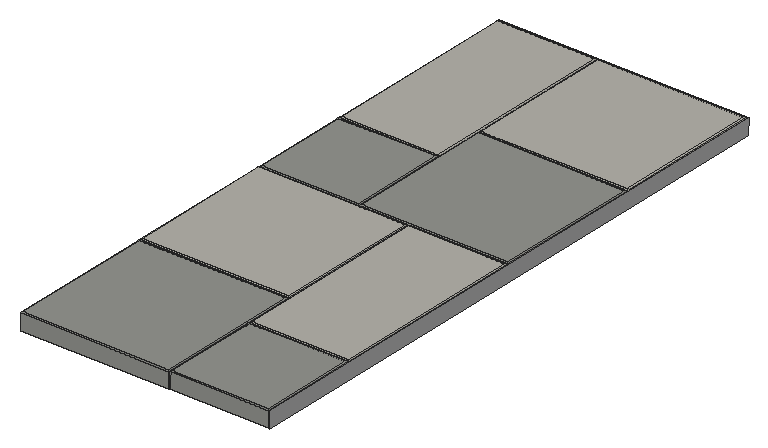
Revit family "b83424bf-8611-4391-8672-86652bff980d", category Site, Revit 2016
Family settings
  Part Type = Normal
  Round Connector Dimension = Use Diameter
  Work Plane-Based = No
  Always vertical = Yes
  Cut with Voids When Loaded = No
  Shared = No
Parameters (values of type "1800 Color Option 1")
  URL = "stepstoneinc.com"
  Surface Finish = "Integral"  # constant formula
  Subcategory = "CalArc Pavers"  # constant formula
  Revit Object Download Link = "http://library.smartbim.com/download/Paver-Assembly-Calarc_Pavers-Stepstone-Small-Ashlar_Pattern-2"
  Product Page URL = "http://www.stepstoneinc.com/pavers-calarc-sizes.php"
  Paver B Pattern = Concrete - Stepstone - Granada1801
  Paver A Pattern = Concrete - Stepstone - Almond1806
  Model = "Small Ashlar Pattern"  # constant formula
  Manufacturer Toll Free Phone = "800.572.9029"  # constant formula
  Manufacturer Phone = "310.327.7474"  # constant formula
  Manufacturer Fax = "310.217.1424"  # constant formula
  Manufacturer Email = "mailto:sales@stepstoneinc.com"
  Manufacturer Address = "13253 S Figueroa St, Los Angeles 90061"  # constant formula
  Manufacturer = "Stepstone, Inc"  # constant formula
  Description = "Small Ashlar Pattern Guide"  # constant formula
  95 CSI = ""
  04 CSI = ""
Types (5): name | Paver B Pattern | Paver A Pattern
  (no name) | Concrete - Stepstone - Granada1801 | Concrete - Stepstone - Almond1806
  1800 Color Option 1 | Concrete - Stepstone - Granada1801 | Concrete - Stepstone - Almond1806
  1800 Color Option 2 | Concrete - Stepstone - Almond1806 | Concrete - Stepstone - Iceberg1805
  1400 Color Option 1 | Concrete - Stepstone - Almond1406 | Concrete - Stepstone - Cafe1407
  1400 Color Option 2 | Concrete - Stepstone - Almond1406 | Concrete - Stepstone - Brick1416
Reference planes (in)
  plane 1 "Center (Front/Back)": y = 0
  plane 2: z = 0
  plane 3 "Center (Left/Right)": x = 0
  plane 4: x = 15.1875
  plane 5: x = -14.9375
  plane 6: y = -35.9375
  plane 7: y = 36.3125
Forms (in)
  Extrusion 1, solid, material "Grout - Dark Gray"
    sketch origin (0, 0, 0) x (0, 1, 0) y (0, 0, 1)
      loop
        line (12.2959, 1.87815) -> (12.1416, 1.87815) -> (12.1875, 0) -> (12.25, 0) -> (12.2959, 1.87815)
    from -14.9375 to -2.9375
  Extrusion 2, solid, material "Grout - Dark Gray"
    sketch origin (0, 0, 0) x (0, 1, 0) y (0, 0, 1)
      loop
        line (0.1875, 0) -> (0.2334, 1.87815) -> (0.0791, 1.87815) -> (0.125, 0) -> (0.1875, 0)
    from -14.9375 to 15.125
  Extrusion 3, solid, material "Grout - Dark Gray"
    sketch origin (0, 0, 0) x (0, 1, 0) y (0, 0, 1)
      loop
        line (-17.875, 0) -> (-17.8291, 1.87815) -> (-17.9834, 1.87815) -> (-17.9375, 0) -> (-17.875, 0)
    from -14.9375 to 3.0625
  Extrusion 4, solid, material "Grout - Dark Gray"
    sketch origin (0, 0, 0) x (0, 1, 0) y (0, 0, 1)
      loop
        line (18.1875, 0) -> (18.25, 0) -> (18.2959, 1.87815) -> (18.1416, 1.87815) -> (18.1875, 0)
    from -2.875 to 15.125
  Extrusion 5, solid, material "Grout - Dark Gray"
    sketch origin (0, 0, 0) x (0, 1, 0) y (0, 0, 1)
      loop
        line (-23.9375, 0) -> (-23.875, 0) -> (-23.8291, 1.87815) -> (-23.9834, 1.87815) -> (-23.9375, 0)
    from 3.125 to 15.125
  Extrusion 6, solid, material "Grout - Dark Gray"
    sketch origin (0, 0, 0) x (1, 0, 0) y (0, 0, 1)
      loop
        line (3.0625, 0) -> (3.125, 0) -> (3.1709, 1.87815) -> (3.0166, 1.87815) -> (3.0625, 0)
    from -0.125 to 35.9375
  Extrusion 7, solid, material "Grout - Dark Gray"
    sketch origin (0, 0, 0) x (1, 0, 0) y (0, 0, 1)
      loop
        line (15.1875, 0) -> (15.2334, 1.87815) -> (15.0791, 1.87815) -> (15.125, 0) -> (15.1875, 0)
    from -36.25 to 35.9375
  Extrusion 8, solid, material "Grout - Dark Gray"
    sketch origin (0, 0, 0) x (1, 0, 0) y (0, 0, 1)
      loop
        line (-2.9375, 0) -> (-2.875, 0) -> (-2.8291, 1.87815) -> (-2.9834, 1.87815) -> (-2.9375, 0)
    from -36.25 to -0.1875
  Extrusion 9, solid, material "Grout - Dark Gray"
    sketch origin (0, 0, 0) x (0, 1, 0) y (0, 0, 1)
      loop
        line (36.2041, 1.87815) -> (36.25, 0) -> (36.3125, 0) -> (36.3584, 1.87815) -> (36.2041, 1.87815)
    from -14.9375 to 15.125
  Blend 10, solid, material "Grout - Dark Gray"
    base sketch origin (0, 0, 0) x (1, 0, 0) y (0, 1, 0)
      loop
        line (15.125, 36.25) -> (15.1875, 36.25) -> (15.1875, 36.3125) -> (15.125, 36.3125) -> (15.125, 36.25)
    top sketch origin (0, 0, 0) x (1, 0, 0) y (0, 1, 0)
      loop
        line (15.125, 36.25) -> (15.2334, 36.25) -> (15.2334, 36.3584) -> (15.125, 36.3584) -> (15.125, 36.25)
    from 0 to 1.87815
Cuts and joins
  joined: Extrusion 1, Extrusion 2, Extrusion 3, Extrusion 4, Extrusion 5, Extrusion 6, Extrusion 7, Extrusion 8, Extrusion 9, Blend 10
Dimensions and locks (in)
  aligned and locked: plane 2 to level
  aligned and locked: Extrusion 1 to nested 2
  aligned and locked: Extrusion 6 to nested 5
  aligned and locked: nested 6 to Extrusion 7
  aligned and locked: Extrusion 7 to nested 1
  aligned and locked: nested 3 to Extrusion 8
  aligned and locked: nested 1 to Extrusion 9
  aligned and locked: Extrusion 9 to nested 2
  aligned and locked: Blend 10 to level
Nested families (in)
  nested 1: "Paver-Large_Scale-Stepstone-CalArc-18X18X2" at (6.125, 27.25, 0), Unit <- "Paver A Pattern", type "Standard"
    with Unit Concrete - Stepstone - Almond1806
  nested 2: "Paver-Stepstone-CalArc-12x24x2" at (-8.9375, 24.25, 0) x (0, 1, 0) z (0, 0, 1), Unit <- "Paver A Pattern", type "Standard"
    with Unit Concrete - Stepstone - Almond1806
  nested 3: "Paver-Stepstone-CalArc-12x12x2" at (-8.9375, 6.1875, 0), Unit <- "Paver B Pattern", type "Standard"
    with Unit Concrete - Stepstone - Granada1801
  nested 4: "Paver-Large_Scale-Stepstone-CalArc-18X18X2" at (6.125, 9.1875, 0), Unit <- "Paver B Pattern", type "Standard"
    with Unit Concrete - Stepstone - Granada1801
  nested 5: "Paver-Large_Scale-Stepstone-CalArc-18X18X2" at (-5.9375, -8.875, 0), Unit <- "Paver A Pattern", type "Standard"
    with Unit Concrete - Stepstone - Almond1806
  nested 6: "Paver-Large_Scale-Stepstone-CalArc-18X18X2" at (-5.9375, -26.9375, 0), Unit <- "Paver B Pattern", type "Standard"
    with Unit Concrete - Stepstone - Granada1801
  nested 7: "Paver-Stepstone-CalArc-12x24x2" at (9.125, -11.875, 0) x (0, 1, 0) z (0, 0, 1), Unit <- "Paver A Pattern", type "Standard"
    with Unit Concrete - Stepstone - Almond1806
  nested 8: "Paver-Stepstone-CalArc-12x12x2" at (9.125, -29.9375, 0), Unit <- "Paver B Pattern", type "Standard"
    with Unit Concrete - Stepstone - Granada1801
Definition of nested family "Paver-Large_Scale-Stepstone-CalArc-18X18X2"
  Parameters
    ecoScorecard data = ""
    ecoScorecard Product Page = ""
    Weight = 0.05 kip  # constant formula
    Warranty = "5 Year Limited"  # constant formula
    Unit [instance] = none
    URL = "stepstoneinc.com"
    Thickness = 2"  # constant formula
    Texture = "Sandblast"  # constant formula
    Technical Information = "http://www.stepstoneinc.com/docs/Stepstone_Product_Data_Sheet-Large_Scale_Narrow_Modular_Paver.pdf"
    Surface Finish = "Painted"  # constant formula
    Subcategory = "CalArc"  # constant formula
    Revit Object Download Link = "http://library.smartbim.com/download/Paver-Large_Scale-Stepstone-CalArc-18X18X2"
    Product Page URL = "http://www.stepstoneinc.com/calarc-pavers.php"
    Product Name = "Large Scale CalArc Paver"  # constant formula
    Product Line = "Pavers"  # constant formula
    Nominal Width = 18"  # constant formula
    Nominal Length = 18"  # constant formula
    Model = "18In x 18In x 2In"  # constant formula
    Material = "Precast Concrete"  # constant formula
    Manufacturer Toll Free Phone = "800.572.9029"  # constant formula
    Manufacturer Phone = "310.327.7474"  # constant formula
    Manufacturer Fax = "310.217.1424"  # constant formula
    Manufacturer Email = "mailto:sales@stepstoneinc.com"
    Manufacturer Address = "13251 S Figueroa St, Los Angeles 90061"  # constant formula
    Manufacturer = "Stepstone, Inc"  # constant formula
    Maintenance URL = ""
    Installation URL = ""
    Description = "Precast Concrete Paver"  # constant formula
    Cost Info = ""
    Color Availability = "Standard & Custom"  # constant formula
    95 CSI = ""
    04 CSI = ""
  Reference planes (in)
    plane 1 "Center Front/Back": y = 0
    plane 2: z = 0
    plane 3 "Center Left/Right": x = 0
    plane 4: x = -9
    plane 5: x = 9
    plane 6: y = 9
    plane 7: y = -9
    plane 8: z = 2
  Dimensions and locks (in)
    equal spacing: plane 4, plane 3 "Center Left/Right", plane 5
    "Nominal Width": plane 4 to plane 5
    equal spacing: plane 7, plane 1 "Center Front/Back", plane 6
    "Nominal Length": plane 6 to plane 7
    plane 5 to plane 4 = 18"
    plane 6 to plane 7 = 18"
    plane 8 to level = 2"
    aligned and locked: level to plane 2
    aligned and locked: plane 3 "Center Left/Right" to nested 1
    aligned and locked: plane 1 "Center Front/Back" to nested 1
  Nested families (in)
    nested 1: "18X18X2" at (0, 0, 0), type "18X18X2"
  Definition of nested family "18X18X2"
    Parameters
      Width = 18"
      Unit = none
      Thickness = 2"
      Depth = 18"
    Reference planes (in)
      plane 1 "Center (Front/Back)": y = 0
      plane 2: z = 0
      plane 3 "Center (Left/Right)": x = 0
      plane 4: x = -9
      plane 5: x = 9
      plane 6: y = 9
      plane 7: y = -9
      plane 8: z = 2
    Forms (in)
      Sweep 1, solid, material <- "Unit"
        path origin (0, 0, 0) x (1, 0, 0) y (0, 1, 0)
          loop
            line (-9, 9) -> (-9, -9) -> (9, -9) -> (9, 9) -> (-9, 9)
        profile origin (0, 9, 0) x (0, 1, 0) y (0, 0, 1)
          loop
            line (0, 0) -> (-0.0459, 1.87815)
            arc (-0.0459, 1.87815) -> (-0.08353, 1.96449) -> (-0.17076, 2) r 0.1249
            line (-0.17076, 2) -> (-0.27723, 2) -> (-0.27723, 0) -> (0, 0)
      Extrusion 2, solid, material <- "Unit"
        sketch origin (0, 0, 0) x (1, 0, 0) y (0, 1, 0)
          loop
            line (-8.72277, 8.72277) -> (-8.72277, -8.72277) -> (8.72277, -8.72277) -> (8.72277, 8.72277) -> (-8.72277, 8.72277)
        from 0 to 2
    Cuts and joins
      joined: Sweep 1, Extrusion 2
    Dimensions and locks (in)
      equal spacing: plane 6, plane 1 "Center (Front/Back)", plane 7
      equal spacing: plane 4, plane 3 "Center (Left/Right)", plane 5
      "Width": plane 5 to plane 4
      "Depth": plane 6 to plane 7
      "Thickness": plane 8 to level
      aligned and locked: plane 2 to level
      aligned and locked: Sweep 1 sketch curve to plane 8
    Automatic sketch dimensions
      plane 4 to Sweep 1 sketch curve = 0"
      Sweep 1 sketch curve to plane 5 = 0"
      plane 7 to Sweep 1 sketch curve = 0"
      Sweep 1 sketch curve to plane 6 = 0"
      plane 4 to Extrusion 2 sketch curve = 0.27723"
      Extrusion 2 sketch curve to plane 5 = 0.27723"
      plane 7 to Extrusion 2 sketch curve = 0.27723"
      Extrusion 2 sketch curve to plane 6 = 0.27723"
      Sweep 1 sketch curve to level = 0"
      Sweep 1 sketch curve to profile plane = 0"
      profile plane to Sweep 1 sketch curve = 0.0459"
      Sweep 1 sketch curve to Sweep 1 sketch curve = 0.12486"
      Sweep 1 sketch curve to Sweep 1 sketch curve = 0.10647"
      Sweep 1 sketch curve to Sweep 1 sketch curve = 0.00305"
Definition of nested family "Paver-Stepstone-CalArc-12x24x2"
  Parameters
    ecoScorecard data = ""
    ecoScorecard Product Page = ""
    Weight = 0.056 kip  # constant formula
    Warranty = "5 Year Limited"  # constant formula
    Unit [instance] = none
    URL = "stepstoneinc.com"
    Thickness = 2"  # constant formula
    Texture = "Sandblast"  # constant formula
    Technical Information = "http://www.stepstoneinc.com/docs/Stepstone_Product_Data_Sheet-California_Architectual_(CalArc)_Paver.pdf"
    Surface Finish = "Painted"  # constant formula
    Subcategory = "CalArc"  # constant formula
    Revit Object Download Link = "http://library.smartbim.com/download/Paver-Stepstone-CalArc-12x24x2"
    Product Page URL = "http://www.stepstoneinc.com/calarc-pavers.php"
    Product Name = "Large Scale CalArc Paver"  # constant formula
    Product Line = "Pavers"  # constant formula
    Nominal Width = 24"  # constant formula
    Nominal Length = 12"  # constant formula
    Model = "12In x 24In x 2In"  # constant formula
    Material = "Precast Concrete"  # constant formula
    Manufacturer Toll Free Phone = "800.572.9029"  # constant formula
    Manufacturer Phone = "310.327.7474"  # constant formula
    Manufacturer Fax = "310.217.1424"  # constant formula
    Manufacturer Email = "mailto:sales@stepstoneinc.com"
    Manufacturer Address = "13249 S Figueroa St, Los Angeles 90061"  # constant formula
    Manufacturer = "Stepstone, Inc"  # constant formula
    Maintenance URL = ""
    Installation URL = ""
    Description = "Precast Concrete Paver"  # constant formula
    Cost Info = ""
    Color Availability = "Standard & Custom"  # constant formula
    95 CSI = ""
    04 CSI = ""
  Reference planes (in)
    plane 1 "Center Front/Back": y = 0
    plane 2: z = 0
    plane 3 "Center Left/Right": x = 0
    plane 4: x = -12
    plane 5: x = 12
    plane 6: y = 6
    plane 7: y = -6
    plane 8: z = 2
  Dimensions and locks (in)
    equal spacing: plane 4, plane 3 "Center Left/Right", plane 5
    "Nominal Width": plane 4 to plane 5
    equal spacing: plane 7, plane 1 "Center Front/Back", plane 6
    "Nominal Length": plane 6 to plane 7
    plane 5 to plane 4 = 24"
    plane 6 to plane 7 = 12"
    "Thickness": plane 8 to level
    aligned and locked: level to plane 2
    aligned and locked: plane 3 "Center Left/Right" to nested 1
    aligned and locked: plane 1 "Center Front/Back" to nested 1
  Nested families (in)
    nested 1: "12X24X2" at (0, 0, 0), type "12X24X2"
  Definition of nested family "12X24X2"
    Parameters
      Width = 24"
      Unit = none
      Depth = 12"
    Reference planes (in)
      plane 1 "Center (Front/Back)": y = 0
      plane 2: z = 0
      plane 3 "Center (Left/Right)": x = 0
      plane 4: x = -12
      plane 5: x = 12
      plane 6: y = 6
      plane 7: y = -6
    Forms (in)
      Sweep 1, solid, material <- "Unit"
        path origin (0, 0, 0) x (1, 0, 0) y (0, 1, 0)
          loop
            line (-12, 6) -> (-12, -6) -> (12, -6) -> (12, 6) -> (-12, 6)
        profile origin (0, 6, 0) x (0, 1, 0) y (0, 0, 1)
          loop
            line (0, 0) -> (-0.0459, 1.87815)
            arc (-0.0459, 1.87815) -> (-0.08353, 1.96449) -> (-0.17076, 2) r 0.1249
            line (-0.17076, 2) -> (-0.26501, 2) -> (-0.26501, 0) -> (0, 0)
      Extrusion 2, solid, material <- "Unit"
        sketch origin (0, 0, 0) x (1, 0, 0) y (0, 1, 0)
          loop
            line (-11.73499, 5.73499) -> (-11.73499, -5.73499) -> (11.73499, -5.73499) -> (11.73499, 5.73499) -> (-11.73499, 5.73499)
        from 0 to 2
    Cuts and joins
      joined: Sweep 1, Extrusion 2
    Dimensions and locks (in)
      equal spacing: plane 6, plane 1 "Center (Front/Back)", plane 7
      equal spacing: plane 4, plane 3 "Center (Left/Right)", plane 5
      "Width": plane 5 to plane 4
      "Depth": plane 6 to plane 7
      aligned and locked: plane 2 to level
    Automatic sketch dimensions
      plane 4 to Sweep 1 sketch curve = 0"
      Sweep 1 sketch curve to plane 5 = 0"
      plane 7 to Sweep 1 sketch curve = 0"
      Sweep 1 sketch curve to plane 6 = 0"
      plane 4 to Extrusion 2 sketch curve = 0.26501"
      Extrusion 2 sketch curve to plane 5 = 0.26501"
      plane 7 to Extrusion 2 sketch curve = 0.26501"
      Extrusion 2 sketch curve to plane 6 = 0.26501"
      Sweep 1 sketch curve to level = 0"
      Sweep 1 sketch curve to profile plane = 0"
      profile plane to Sweep 1 sketch curve = 0.0459"
      Sweep 1 sketch curve to Sweep 1 sketch curve = 0.12486"
      Sweep 1 sketch curve to Sweep 1 sketch curve = 0.09425"
      level to Sweep 1 sketch curve = 1.8751"
      Sweep 1 sketch curve to Sweep 1 sketch curve = 0.00305"
Definition of nested family "Paver-Stepstone-CalArc-12x12x2"
  Parameters
    ecoScorecard data = ""
    ecoScorecard Product Page = ""
    Weight = 0.028 kip  # constant formula
    Warranty = "5 Year Limited"  # constant formula
    Unit [instance] = none
    URL = "stepstoneinc.com"
    Thickness = 2"  # constant formula
    Texture = "Sandblast"  # constant formula
    Technical Information = "http://www.stepstoneinc.com/docs/Stepstone_Product_Data_Sheet-California_Architectual_(CalArc)_Paver.pdf"
    Surface Finish = "Painted"  # constant formula
    Subcategory = "CalArc"  # constant formula
    Revit Object Download Link = "http://library.smartbim.com/download/Paver-Stepstone-CalArc-12x12x2"
    Product Page URL = "http://www.stepstoneinc.com/calarc-pavers.php"
    Product Name = "Large Scale CalArc Paver"  # constant formula
    Product Line = "Pavers"  # constant formula
    Nominal Width = 12"  # constant formula
    Nominal Length = 12"  # constant formula
    Model = "12In x 12In x 2In"  # constant formula
    Material = "Precast Concrete"  # constant formula
    Manufacturer Toll Free Phone = "800.572.9029"  # constant formula
    Manufacturer Phone = "310.327.7474"  # constant formula
    Manufacturer Fax = "310.217.1424"  # constant formula
    Manufacturer Email = "mailto:sales@stepstoneinc.com"
    Manufacturer Address = "13247 S Figueroa St, Los Angeles 90061"  # constant formula
    Manufacturer = "Stepstone, Inc"  # constant formula
    Maintenance URL = ""
    Installation URL = ""
    Description = "Precast Concrete Paver"  # constant formula
    Cost Info = ""
    Color Availability = "Standard & Custom"  # constant formula
    95 CSI = ""
    04 CSI = ""
  Reference planes (in)
    plane 1 "Center Front/Back": y = 0
    plane 2: z = 0
    plane 3 "Center Left/Right": x = 0
    plane 4: x = -6
    plane 5: x = 6
    plane 6: y = 6
    plane 7: y = -6
    plane 8: z = 2
  Dimensions and locks (in)
    equal spacing: plane 4, plane 3 "Center Left/Right", plane 5
    "Nominal Width": plane 4 to plane 5
    equal spacing: plane 7, plane 1 "Center Front/Back", plane 6
    "Nominal Length": plane 6 to plane 7
    plane 5 to plane 4 = 12"
    plane 6 to plane 7 = 12"
    "Thickness": plane 8 to level
    aligned and locked: level to plane 2
    aligned and locked: plane 3 "Center Left/Right" to nested 1
    aligned and locked: plane 1 "Center Front/Back" to nested 1
  Nested families (in)
    nested 1: "12X12X2" at (0, 0, 0), type "12X12X2"
  Definition of nested family "12X12X2"
    Parameters
      Width = 12"
      Unit = none
      Depth = 12"
    Reference planes (in)
      plane 1 "Center (Front/Back)": y = 0
      plane 2: z = 0
      plane 3 "Center (Left/Right)": x = 0
      plane 4: x = -6
      plane 5: x = 6
      plane 6: y = 6
      plane 7: y = -6
    Forms (in)
      Sweep 1, solid, material <- "Unit"
        path origin (0, 0, 0) x (1, 0, 0) y (0, 1, 0)
          loop
            line (-6, 6) -> (-6, -6) -> (6, -6) -> (6, 6) -> (-6, 6)
        profile origin (0, 6, 0) x (0, 1, 0) y (0, 0, 1)
          loop
            line (0, 0) -> (-0.0459, 1.87815)
            arc (-0.0459, 1.87815) -> (-0.08353, 1.96449) -> (-0.17076, 2) r 0.1249
            line (-0.17076, 2) -> (-0.26501, 2) -> (-0.26501, 0) -> (0, 0)
      Extrusion 2, solid, material <- "Unit"
        sketch origin (0, 0, 0) x (1, 0, 0) y (0, 1, 0)
          loop
            line (-5.73499, 5.73499) -> (-5.73499, -5.73499) -> (5.73499, -5.73499) -> (5.73499, 5.73499) -> (-5.73499, 5.73499)
        from 0 to 2
    Cuts and joins
      joined: Sweep 1, Extrusion 2
    Dimensions and locks (in)
      equal spacing: plane 6, plane 1 "Center (Front/Back)", plane 7
      equal spacing: plane 4, plane 3 "Center (Left/Right)", plane 5
      "Width": plane 5 to plane 4
      "Depth": plane 6 to plane 7
      aligned and locked: plane 2 to level
    Automatic sketch dimensions
      plane 4 to Sweep 1 sketch curve = 0"
      Sweep 1 sketch curve to plane 5 = 0"
      plane 7 to Sweep 1 sketch curve = 0"
      Sweep 1 sketch curve to plane 6 = 0"
      plane 4 to Extrusion 2 sketch curve = 0.26501"
      Extrusion 2 sketch curve to plane 5 = 0.26501"
      plane 7 to Extrusion 2 sketch curve = 0.26501"
      Extrusion 2 sketch curve to plane 6 = 0.26501"
      Sweep 1 sketch curve to level = 0"
      Sweep 1 sketch curve to profile plane = 0"
      profile plane to Sweep 1 sketch curve = 0.0459"
      Sweep 1 sketch curve to Sweep 1 sketch curve = 0.12486"
      Sweep 1 sketch curve to Sweep 1 sketch curve = 0.09425"
      level to Sweep 1 sketch curve = 1.8751"
      Sweep 1 sketch curve to Sweep 1 sketch curve = 0.00305"
